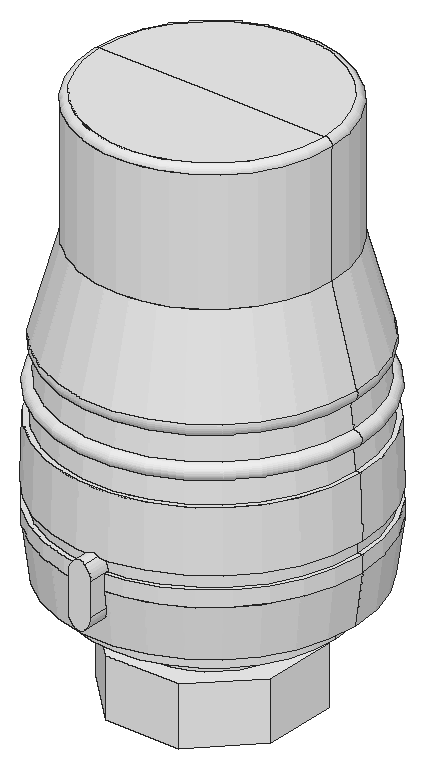
Revit family "Redia Sensors_M30_RFA", category Pipe Accessories, Revit 2019
Family settings
  Round Connector Dimension = Use Diameter
  Part Type = Normal
  OmniClass Number = 23.65.55.14.17
  OmniClass Title = Adjusting/Controlling Valves for Liquid Services
  Work Plane-Based = No
  Always vertical = Yes
  Cut with Voids When Loaded = No
  Shared = Yes
Parameters (values of type "Redia Sensors_M30_Built-in_8-28 °C")
  YH = XYadd - H'  # 1001.75 mm
  Y' [instance] = if(Box Y Offset < -1 * XYlimit, XYadd - XYlimit, (if(Box Y Offset > XYlimit, XYadd + XYlimit, Box Y Offset + XYadd)))  # 1200.00 mm
  XYadd = XYlimit + 100.00 mm  # 1100.00 mm
  X' [instance] = if(Box X Offset < -1 * XYlimit, XYadd - XYlimit, (if(Box X Offset > XYlimit, XYadd + XYlimit, Box X Offset + XYadd)))  # 1200.00 mm
  XYlimit = 1000.00 mm
  W [instance] = 57.89 mm
  Redia Sensor = Redia_M30_RFA : Redia Sensors_M30
  Sensor Media = "Liquid"  # constant formula
  Remote Sensor = if(RS = 1, 1 = 1, 1 = 0)  # no
  H' = 98.25 mm  # constant formula
  Box Z Offset [instance] = 100.00 mm  # constant formula
  URL = "https://store.danfoss.com/en/Climate-Solutions-for-heating/Radiator-Thermostats/Radiator-sensors/Room-sensor-mTRV/Sensors-for-other-connections/c/13886?q=%3Arelevance%3Adanfoss_a1184338573%3AA1184_3385735918e24870f0ea98b9978dae8a69c533%3Adanfoss_producttypehierarchydesc%3ADanfoss+Redia%C2%AE+Sensors%3Adanfoss_a1186338575%3AA1186_3385757565fa0f3e171a343b2fd2a01064cb82%3Adanfoss_a1144338550%3AA1144_33855085dc86b7cae20757962fd07466c1b266&text="
  RS = 0
  Model Type = "Redia Sensors_M30_Built-in_8-28 °C"
  Model = "015G3330,015G3338,015G3339,015G5121"
  Min Temperature Setting = "8 °C"
  Max Temperature Setting = "28 °C"  # constant formula
  Max Capillary Tube Length = 0.00 mm
  Manufacturer = "Danfoss"  # constant formula
  LOD 350 [instance] = not(LOD 200)  # yes
  LOD 200 [instance] = no
  L [instance] = 55.00 mm
  IfcExportType = "Redia Sensors"  # constant formula
  IfcExportAs = "IfcActuatorType"  # constant formula
  H [instance] = 98.25 mm
  Description = "Radiator Sensor"  # constant formula
  Connection = "M30 x 1.5"  # constant formula
  Box Y Offset [instance] = 100.00 mm
  Box X Offset [instance] = 100.00 mm
  Body Material = Danfoss Plastic White
Types (3, lengths in mm): name | YH | Y' | XYadd | X' | XYlimit | Remote Sensor | URL | RS | Model Type | Model | Min Temperature Setting | Max Capillary Tube Length
  Redia Sensors_M30_Built-in_8-28 °C | 1001.75 | 1200.00 | 1100.00 | 1200.00 | 1000.00 | no | "https://store.danfoss.com/en/Climate-Solutions-for-heating/Radiator-Thermostats/Radiator-sensors/Room-sensor-mTRV/Sensors-for-other-connections/c/13886?q=%3Arelevance%3Adanfoss_a1184338573%3AA1184_3385735918e24870f0ea98b9978dae8a69c533%3Adanfoss_producttypehierarchydesc%3ADanfoss+Redia%C2%AE+Sensors%3Adanfoss_a1186338575%3AA1186_3385757565fa0f3e171a343b2fd2a01064cb82%3Adanfoss_a1144338550%3AA1144_33855085dc86b7cae20757962fd07466c1b266&text=" | 0 | "Redia Sensors_M30_Built-in_8-28 °C" | "015G3330,015G3338,015G3339,015G5121" | "8 °C" | 0.00
  Redia Sensors_M30_Remote_8-28 °C_015G3332 | 501.75 | 700.00 | 600.00 | 700.00 | 500.00 | yes | "https://store.danfoss.com/en/Climate-Solutions-for-heating/Radiator-Thermostats/Radiator-sensors/Room-sensor-mTRV/Sensors-for-other-connections/c/13886?q=%3Arelevance%3Adanfoss_a1184338573%3AA1184_3385735918e24870f0ea98b9978dae8a69c533%3Adanfoss_producttypehierarchydesc%3ADanfoss+Redia%C2%AE+Sensors%3Adanfoss_a1186338575%3AA1186_3385756922a4d78decdb47e1e9a53dbb12a95d%3Adanfoss_a1144338550%3AA1144_33855085dc86b7cae20757962fd07466c1b266&text=" | 1 | "Redia Sensors_M30_Remote_8-28 °C" | "015G3332" | "8 °C" | 2000.00
  Redia Sensors_M30_Built-in_16-28 °C_015G3336 | 1001.75 | 1200.00 | 1100.00 | 1200.00 | 1000.00 | no | "https://store.danfoss.com/en/Climate-Solutions-for-heating/Radiator-Thermostats/Radiator-sensors/Room-sensor-mTRV/Sensors-for-other-connections/c/13886?q=%3Arelevance%3Adanfoss_a1184338573%3AA1184_3385735918e24870f0ea98b9978dae8a69c533%3Adanfoss_producttypehierarchydesc%3ADanfoss+Redia%C2%AE+Sensors%3Adanfoss_a1186338575%3AA1186_3385757565fa0f3e171a343b2fd2a01064cb82%3Adanfoss_a1144338550%3AA1144_33855085dc86b7cae20757962fd07466c1b266&text=" | 0 | "Redia Sensors_M30_Built-in_16-28 °C" | "015G3336" | "16 °C" | 0.00
Reference planes
  plane 1 "Center (Front/Back)": y = 0
  plane 2: z = 0
  plane 3 "Center (Left/Right)": x = 0
  plane 4: z = 23.299
  plane 5: x = -1100
  plane 6: z = -1001.75
  plane 7: z = 198.25
  plane 8: z = 98.25
Lines and regions (mm)
  reference lines
    curve 1: line (100, 100, 0) -> (100, 0, 0)
    curve 2: line (20, 100, 0) -> (-60, 100, 0)
Dimensions and locks
  "XYadd": plane 5 to plane 3 "Center (Left/Right)"
  "YH": level to plane 6
  locked: plane 1 "Center (Front/Back)" to curve 2 at 100
  "Y'": plane 7 to plane 6
  "X'": plane 5 to curve 1
  "Box Z Offset": nested 1 to plane 1 "Center (Front/Back)"
  nested 1 to plane 3 "Center (Left/Right)" = 100.00 mm
  "L": nested 2 to nested 2
  "W": nested 2 to nested 2
  "H'": plane 8 to level
  "H": nested 2 to curve 2
  plane 7 to nested 2 = 100.00 mm
  aligned and locked: level to plane 2
  aligned and locked: curve 1 to nested 1
  aligned and locked: plane 7 to nested 1
  aligned and locked: nested 2 to level
  aligned and locked: plane 3 "Center (Left/Right)" to nested 2
  aligned and locked: plane 1 "Center (Front/Back)" to nested 2
Automatic sketch dimensions
  plane 1 "Center (Front/Back)" to curve 1 = 0.00 mm
  plane 3 "Center (Left/Right)" to curve 2 = 20.00 mm
  curve 2 to plane 3 "Center (Left/Right)" = 60.00 mm
Nested families
  nested 1: "Remote sensor_L_box_RFA" at (100, 100, 198.25) x (-1, 0, 0) z (0, -1, 0), LOD 200 <- "LOD 200", Body Material <- "Body Material", visible <- "Remote Sensor", type "Remote sensor_box"
    with LOD 350 yes, LOD 200 no, Body Material Danfoss Plastic White
  nested 2: "Redia_M30_RFA" at (0, 0, 3.17), type <- "Redia Sensor", type "Redia Sensors_M30"
Definition of nested family "Remote sensor_L_box_RFA"
  Parameters (values of type "Remote sensor_box")
    W [instance] = 71.00 mm
    URL = ""
    Sensor Media = "Liquid"  # constant formula
    Model = ""
    Manufacturer = "Danfoss"  # constant formula
    LOD 350 [instance] = not(LOD 200)  # yes
    LOD 200 [instance] = no
    L [instance] = 35.00 mm
    IfcExportType = "Remote Liquid Sensor"  # constant formula
    IfcExportAs = "IfcActuatorType"  # constant formula
    H [instance] = 36.00 mm
    Description = "Radiator Sensor"  # constant formula
    Default Elevation = 1219.20 mm
    Body Material [instance] = none
  Reference planes
    plane 1 "Center (Front/Back)": y = 0
    plane 2: z = 0
    plane 3 "Center (Left/Right)": x = 0
    plane 4: z = 36
    plane 5: y = 35.5
    plane 6: y = -35.5
    plane 7: x = -17.5
    plane 8: x = 17.5
  Forms (mm)
    Extrusion 1, solid, material <- "Body Material", detail levels fine
      sketch origin (0, 0, 83.1) x (0, -1, 0) y (1, 0, 0)
        loop
          line (-31.3, -14.05) -> (31.3, -14.05) -> (31.3, 12.693) -> (-31.3, 12.693) -> (-31.3, -14.05)
      from -83.1 to -75.525
    Extrusion 2, solid, material <- "Body Material", visible <- "LOD 200", detail levels fine
      sketch origin (0, 0, 88.6) x (0, -1, 0) y (1, 0, 0)
        loop
          line (-35.5, -17.5) -> (35.5, -17.5) -> (35.5, 17.5) -> (-35.5, 17.5) -> (-35.5, -17.5)
      from -81.025 to -52.6
    Blend 3, solid, material <- "Body Material", visible <- "LOD 350", detail levels fine
      base sketch origin (0, 0, 82.972) x (0, -1, 0) y (1, 0, 0)
        loop
          line (-35.501, -17.5) -> (35.5, -17.5) -> (35.5, 17.5) -> (-35.501, 17.5) -> (-35.501, -17.5)
      top sketch origin (0, 0, 82.972) x (0, -1, 0) y (1, 0, 0)
        loop
          line (-33.935, -15.989) -> (33.935, -15.989) -> (33.935, 15.989) -> (-33.935, 15.989) -> (-33.935, -15.989)
      from -75.397 to -46.972
    Extrusion 4, void
      sketch origin (0, 0, 0) x (0, 1, 0) y (0, 0, 1)
        loop
          line (35.859, 0) -> (38.543, 0) -> (38.543, 36) -> (33.464, 36) -> (35.859, 0)
        loop
          line (-33.465, 36) -> (-38.605, 36) -> (-38.605, 0) -> (-35.857, 0) -> (-33.465, 36)
      from -17.5 to 17.5
    Extrusion 5, void
      sketch origin (0, 0, 0) x (1, 0, 0) y (0, 0, 1)
        loop
          arc (-17.5, 27.199) -> (0, 35.901) -> (17.5, 27.199) r 21.948
          line (17.5, 27.199) -> (27.5, 27.199) -> (27.5, 40.558) -> (-22.5, 40.558) -> (-22.5, 27.199) -> (-17.5, 27.199)
      from -52.842 to 46.921
    Extrusion 6, solid, material <- "Body Material", detail levels coarse+medium
      sketch origin (0, 0, 83.1) x (0, -1, 0) y (1, 0, 0)
        loop
          line (-35.5, -17.5) -> (35.5, -17.5) -> (35.5, 17.5) -> (-35.5, 17.5) -> (-35.5, -17.5)
      from -83.1 to -47.1
  Cuts and joins
    Extrusion 5 cuts Blend 3
  Dimensions and locks
    "H": plane 4 to level
    equal spacing: plane 7, plane 3 "Center (Left/Right)", plane 8
    "L": plane 7 to plane 8
    plane 8 to plane 7 = 35.00 mm
    "W": plane 5 to plane 6
    equal spacing: plane 5, plane 1 "Center (Front/Back)", plane 6
    level to Extrusion 1 = 7.575 mm
    aligned and locked: level to plane 2
    aligned and locked: Extrusion 1 to level
    aligned and locked: Extrusion 2 to plane 7
    aligned and locked: plane 8 to Extrusion 2
    aligned and locked: plane 4 to Extrusion 2
    aligned and locked: plane 5 to Extrusion 2
    aligned and locked: Extrusion 2 to plane 6
    aligned and locked: Blend 3 to Extrusion 1
    aligned and locked: Extrusion 4 to level
    aligned and locked: Extrusion 2 to Extrusion 1
    aligned and locked: plane 5 to Extrusion 6 sketch curve
    aligned and locked: plane 7 to Extrusion 6 sketch curve
    aligned and locked: plane 8 to Extrusion 6 sketch curve
    aligned and locked: plane 6 to Extrusion 6 sketch curve
    aligned and locked: Extrusion 6 to level
    aligned and locked: plane 4 to Extrusion 6
    aligned and locked: Extrusion 4 to Extrusion 6
  Automatic sketch dimensions
    Extrusion 1 sketch curve to plane 5 = 4.20 mm
    plane 6 to Extrusion 1 sketch curve = 4.20 mm
    plane 7 to Extrusion 1 sketch curve = 3.45 mm
    Extrusion 1 sketch curve to plane 8 = 4.807 mm
    Extrusion 2 sketch curve to plane 5 = 0.00 mm
    Extrusion 2 sketch curve to plane 6 = 0.00 mm
    plane 7 to Extrusion 2 sketch curve = 0.00 mm
    plane 8 to Extrusion 2 sketch curve = 0.00 mm
    plane 6 to Blend 3 sketch curve = 0.00 mm
    Blend 3 sketch curve to plane 5 = 1.565 mm
    plane 7 to Blend 3 sketch curve = 1.511 mm
    plane 6 to Blend 3 sketch curve = 1.565 mm
    Blend 3 sketch curve to plane 8 = 1.511 mm
    Extrusion 4 sketch curve to plane 4 = 0.00 mm  (x2)
    Extrusion 4 sketch curve to plane 6 = 3.105 mm
    Extrusion 4 sketch curve to plane 6 = 0.357 mm
    plane 5 to Extrusion 4 sketch curve = 0.359 mm
    level to Extrusion 4 sketch curve = 0.00 mm  (x2)
    plane 6 to Extrusion 4 sketch curve = 2.035 mm
    Extrusion 4 sketch curve to plane 5 = 2.036 mm
    Extrusion 4 sketch curve to Extrusion 4 sketch curve = 2.685 mm
    plane 5 to Blend 3 sketch curve = 0.001 mm
    plane 7 to Blend 3 sketch curve = 0.00 mm
    Blend 3 sketch curve to plane 8 = 0.00 mm
    Extrusion 5 sketch curve to plane 7 = 0.00 mm
    Extrusion 5 sketch curve to plane 3 "Center (Left/Right)" = 0.00 mm
    Extrusion 5 sketch curve to plane 8 = 0.00 mm
    Extrusion 5 sketch curve to Extrusion 5 sketch curve = 5.00 mm
    plane 8 to Extrusion 5 sketch curve = 10.00 mm
    level to Extrusion 5 sketch curve = 13.952 mm
    Extrusion 5 sketch curve to plane 4 = 8.801 mm
    plane 4 to Extrusion 5 sketch curve = 4.558 mm
Definition of nested family "Redia_M30_RFA"
  Parameters (values of type "Redia Sensors_M30")
    W [instance] = 57.89 mm
    URL = ""
    Sensor Media = "Liquid"  # constant formula
    Model = ""
    Manufacturer = "Danfoss"  # constant formula
    LOD 350 = not(LOD 200)  # yes
    LOD 200 = no
    L [instance] = 55.00 mm
    IfcExportType = "Redia Sensors"  # constant formula
    IfcExportAs = "IfcActuatorType"  # constant formula
    H [instance] = 98.255 mm
    Description = "Radiator Sensor"  # constant formula
    Connection = ""
    Body Material = none
  Reference planes
    plane 1 "Center (Front/Back)": y = 0
    plane 2: z = 0
    plane 3 "Center (Left/Right)": x = 0
    plane 4: y = 27.5
    plane 5 "TP": z = 56
    plane 6 "BT": z = 17.2
    plane 7: x = 27.5
    plane 8: x = -27.5
    plane 9: y = -27.5
    plane 10: z = 95.08
  Forms (mm)
    Revolve 1, solid, material <- "Body Material", visible <- "LOD 350", detail levels fine
      sketch origin (0, 0, 0) x (1, 0, 0) y (0, 0, 1)
        loop
          line (-13, 7.375) -> (0, 7.375) -> (0, 95.085) -> (-20.681, 95.085)
          arc (-20.681, 95.085) -> (-21.574, 94.715) -> (-21.945, 93.821) r 1.264
          line (-21.945, 93.821) -> (-21.945, 71.777) -> (-26.509, 55.449)
          arc (-26.509, 55.449) -> (-26.4, 54.078) -> (-25.43, 53.103) r 1.995
          line (-25.43, 53.103) -> (-25.866, 48.953)
          arc (-25.866, 48.953) -> (-27.352, 47.647) -> (-25.979, 46.222) r 1.368
          line (-25.979, 46.222) -> (-26.33, 42.216) -> (-27.212, 42.216) -> (-27.5, 31.149) -> (-26.716, 31.149) -> (-26.716, 28.851) -> (-27.5, 28.851) -> (-27.5, 26) -> (-26.279, 16.8) -> (-15, 16.8) -> (-15, 14.88) -> (-22.531, 14.88) -> (-22.531, 13.28) -> (-13, 13.28) -> (-13, 7.375)
        axis (0, 95.085) -> (0, 7.375)
      angle from 0 to 360
    Revolve 2, solid, material <- "Body Material", visible <- "LOD 200", detail levels fine
      sketch origin (0, 0, 0) x (1, 0, 0) y (0, 0, 1)
        loop
          line (0, 7.375) -> (0, 95.085) -> (-21.945, 95.085) -> (-21.945, 71.777) -> (-27.5, 52.441) -> (-27.5, 16.8) -> (-12.812, 16.8) -> (-12.812, 7.375) -> (0, 7.375)
        axis (0, 95.085) -> (0, 7.375)
      angle from 0 to 360
    Extrusion 3, solid, material <- "Body Material", visible <- "LOD 350", detail levels fine
      sketch origin (0, 0, 0) x (1, 0, 0) y (0, 0, 1)
        loop
          line (-2.041, 28.798) -> (-2.041, 22.979)
          arc (-2.041, 22.979) -> (-1.809, 21.66) -> (-1.059, 20.55) r 3.212
          arc (-1.059, 20.55) -> (0, 20.123) -> (1.059, 20.55) r 1.526
          arc (1.059, 20.55) -> (1.809, 21.66) -> (2.041, 22.979) r 3.212
          line (2.041, 22.979) -> (2.041, 28.798)
          arc (2.041, 28.798) -> (1.809, 30.117) -> (1.059, 31.227) r 3.212
          arc (1.059, 31.227) -> (0, 31.654) -> (-1.059, 31.227) r 1.526
          arc (-1.059, 31.227) -> (-1.809, 30.117) -> (-2.041, 28.798) r 3.212
      from 0 to 30.39
    Extrusion 4, solid, visible <- "LOD 350", detail levels fine
      sketch origin (0, 0, 0) x (1, 0, 0) y (0, 1, 0)
        loop
          line (6.627, -16) -> (16, -6.627) -> (16, 6.627) -> (6.627, 16) -> (-6.627, 16) -> (-16, 6.627) -> (-16, -6.627) -> (-6.627, -16) -> (6.627, -16)
      from -3.17 to 7.375
    Extrusion 5, solid, visible <- "LOD 200", detail levels fine
      sketch origin (0, 0, 0) x (1, 0, 0) y (0, 1, 0)
        loop
          circle (0, 0) r 17.318
      from -3.17 to 7.375
  Lines and regions (mm)
    symbolic lines
      curve 1: line (25.439, -10.66, 0) -> (26.655, -6.916, 0)
  Dimensions and locks
    "L": plane 8 to plane 7
    plane 8 to plane 3 "Center (Left/Right)" = 27.50 mm
    plane 3 "Center (Left/Right)" to plane 7 = 27.50 mm
    plane 7 to plane 8 = 55.00 mm
    "H": Revolve 1 to Extrusion 4
    equal spacing: plane 9, plane 1 "Center (Front/Back)", plane 4
    "W": Extrusion 3 to plane 4
    plane 10 to Extrusion 4 = 98.25 mm
    radius of Extrusion 5 sketch curve = 17.318 mm
    aligned and locked: level to plane 2
    aligned and locked: Revolve 1 sketch curve to Extrusion 4
    aligned and locked: Extrusion 5 to Extrusion 4  (x2)
  Automatic sketch dimensions
    plane 1 "Center (Front/Back)" to curve 1 = 6.916 mm
    curve 1 to curve 1 = 1.216 mm
    curve 1 to curve 1 = 3.744 mm
    curve 1 to plane 7 = 2.061 mm
    plane 8 to Extrusion 3 sketch curve = 25.459 mm
    Extrusion 3 sketch curve to Extrusion 3 sketch curve = 0.871 mm  (x3)
    Extrusion 3 sketch curve to Extrusion 3 sketch curve = 1.17 mm  (x4)
    Extrusion 3 sketch curve to plane 6 "BT" = 4.449 mm
    Extrusion 3 sketch curve to Extrusion 3 sketch curve = 1.214 mm  (x3)
    Extrusion 3 sketch curve to Extrusion 3 sketch curve = 0.116 mm  (x4)
    Extrusion 3 sketch curve to Extrusion 3 sketch curve = 5.818 mm
    Extrusion 3 sketch curve to Extrusion 3 sketch curve = 0.00 mm  (x3)
    plane 1 "Center (Front/Back)" to Extrusion 4 sketch curve = 6.627 mm
    Extrusion 4 sketch curve to plane 3 "Center (Left/Right)" = 6.627 mm  (x2)
    plane 3 "Center (Left/Right)" to Extrusion 4 sketch curve = 6.627 mm
    Extrusion 4 sketch curve to Extrusion 4 sketch curve = 13.255 mm
    Extrusion 4 sketch curve to Extrusion 4 sketch curve = 9.373 mm  (x5)
    Extrusion 4 sketch curve to plane 1 "Center (Front/Back)" = 6.627 mm  (x2)
    plane 1 "Center (Front/Back)" to Extrusion 5 sketch curve = 0.00 mm
    Extrusion 5 sketch curve to plane 3 "Center (Left/Right)" = 0.00 mm
    Revolve 2 sketch curve to plane 3 "Center (Left/Right)" = 0.00 mm  (x2)
    plane 8 to Revolve 2 sketch curve = 5.555 mm
    plane 6 "BT" to Revolve 2 sketch curve = 0.40 mm
    Revolve 2 sketch curve to plane 3 "Center (Left/Right)" = 12.812 mm
    level to Revolve 2 sketch curve = 7.375 mm
    Revolve 2 sketch curve to plane 5 "TP" = 39.085 mm
    Revolve 2 sketch curve to level = 366.045 mm
    plane 5 "TP" to Revolve 2 sketch curve = 3.559 mm
    Revolve 2 sketch curve to plane 5 "TP" = 15.777 mm
    Revolve 2 sketch curve to Revolve 2 sketch curve = 2119.23 mm
    Revolve 2 sketch curve to plane 8 = 0.00 mm
    Revolve 1 sketch curve to plane 8 = 0.00 mm  (x2)
    Revolve 1 sketch curve to plane 3 "Center (Left/Right)" = 0.00 mm  (x2)
    plane 8 to Revolve 1 sketch curve = 0.288 mm
    plane 8 to Revolve 1 sketch curve = 0.784 mm
    plane 8 to Revolve 1 sketch curve = 0.991 mm
    Revolve 1 sketch curve to Revolve 1 sketch curve = 0.882 mm
    plane 6 "BT" to Revolve 1 sketch curve = 0.40 mm
    plane 8 to Revolve 1 sketch curve = 1.221 mm
    plane 8 to Revolve 1 sketch curve = 1.515 mm
    Revolve 1 sketch curve to Revolve 1 sketch curve = 0.006 mm
    Revolve 1 sketch curve to Revolve 1 sketch curve = 0.119 mm
    plane 8 to Revolve 1 sketch curve = 2.07 mm
    Revolve 1 sketch curve to Revolve 1 sketch curve = 0.842 mm
    Revolve 1 sketch curve to Revolve 1 sketch curve = 3.747 mm
    plane 8 to Revolve 1 sketch curve = 5.555 mm
    Revolve 1 sketch curve to Revolve 1 sketch curve = 1.264 mm
    plane 6 "BT" to Revolve 1 sketch curve = 2.32 mm
    Revolve 1 sketch curve to Revolve 1 sketch curve = 7.531 mm
    Revolve 1 sketch curve to Revolve 1 sketch curve = 2.00 mm
    Revolve 1 sketch curve to Revolve 1 sketch curve = 1.60 mm
    Revolve 1 sketch curve to plane 6 "BT" = 11.651 mm
    Revolve 1 sketch curve to Revolve 1 sketch curve = 2.298 mm
    Revolve 1 sketch curve to Revolve 1 sketch curve = 11.067 mm
    Revolve 1 sketch curve to Revolve 1 sketch curve = 4.006 mm
    Revolve 1 sketch curve to Revolve 1 sketch curve = 1.368 mm
    plane 5 "TP" to Revolve 1 sketch curve = 2.897 mm
    plane 5 "TP" to Revolve 1 sketch curve = 1.088 mm
    Revolve 1 sketch curve to plane 5 "TP" = 15.777 mm
    Revolve 1 sketch curve to Revolve 1 sketch curve = 22.044 mm
    Revolve 1 sketch curve to level = 366.045 mm
    Revolve 1 sketch curve to Revolve 1 sketch curve = 2.85 mm
    Revolve 1 sketch curve to Revolve 1 sketch curve = 2127.53 mm
